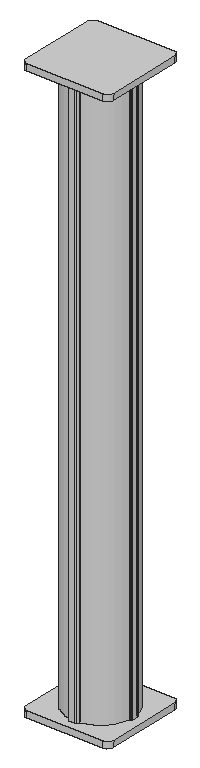
Revit family "EHL_SUPPLEMENT 1M_2220055", category Generic Models, Revit 2018
Family settings
  Can host rebar = No
  Round Connector Dimension = Use Diameter
  Part Type = Normal
  OmniClass Number = 35.51.14.00
  OmniClass Title = FORMWORK
  Work Plane-Based = Yes
  Always vertical = No
  Cut with Voids When Loaded = No
  Shared = Yes
  Room Calculation Point = No
Parameters
  VERSION = "20190601"  # constant formula
  URL = "www.ulmaconstruction.com/en"
  UNICLASS = ""
  SIMULATION [instance] = ""
  PRODUCT_ZONE [instance] = ""
  Manufacturer = "ULMA CONSTRUCTION"  # constant formula
  ITEM_UNIT [instance] = ""
  ITEM_TYPE [instance] = ""
  ITEM_CODE = "2220055"
  FILTER [instance] = ""
  Default Elevation = 0.000 mm
  CONDITION [instance] = ""
  CLASSIFICATION_TITLE = ""
  CLASSIFICATION_NUMBER = ""
Reference planes
  plane 1 "Centro (Frontal/Posterior)": y = 0
  plane 2: z = 0
  plane 3 "Centro (Izquierda/Derecha)": x = 0
Forms (mm)
  Extrusion 1, solid, material "ULMA ZINC", detail levels medium+fine
    sketch origin (0, 0, 0) x (1, 0, 0) y (0, 1, 0)
      loop
        line (-75, 65) -> (-75, -65)
        arc (-75, -65) -> (-72.071, -72.071) -> (-65, -75) r 10
        line (-65, -75) -> (65, -75)
        arc (65, -75) -> (72.071, -72.071) -> (75, -65) r 10
        line (75, -65) -> (75, 65)
        arc (75, 65) -> (72.071, 72.071) -> (65, 75) r 10
        line (65, 75) -> (-65, 75)
        arc (-65, 75) -> (-72.071, 72.071) -> (-75, 65) r 10
    from 0 to 10
  Extrusion 2, solid, material "ULMA ZINC", detail levels medium+fine
    sketch origin (0, 0, 0) x (1, 0, 0) y (0, 1, 0)
      loop
        arc (55.325, 8.668) -> (39.598, 39.598) -> (8.668, 55.325) r 56
        arc (8.668, 55.325) -> (8.221, 55.514) -> (7.916, 55.89) r 1
        line (7.916, 55.89) -> (6.404, 59.134)
        arc (6.404, 59.134) -> (5.85, 59.765) -> (5.044, 60) r 1.5
        line (5.044, 60) -> (-5.044, 60)
        arc (-5.044, 60) -> (-5.85, 59.765) -> (-6.404, 59.134) r 1.5
        line (-6.404, 59.134) -> (-7.916, 55.89)
        arc (-7.916, 55.89) -> (-8.221, 55.514) -> (-8.668, 55.325) r 1
        arc (-8.668, 55.325) -> (-39.598, 39.598) -> (-55.325, 8.668) r 56
        arc (-55.325, 8.668) -> (-55.514, 8.221) -> (-55.89, 7.916) r 1
        line (-55.89, 7.916) -> (-59.134, 6.404)
        arc (-59.134, 6.404) -> (-59.765, 5.85) -> (-60, 5.044) r 1.5
        line (-60, 5.044) -> (-60, -5.044)
        arc (-60, -5.044) -> (-59.765, -5.85) -> (-59.134, -6.404) r 1.5
        line (-59.134, -6.404) -> (-55.89, -7.916)
        arc (-55.89, -7.916) -> (-55.514, -8.221) -> (-55.325, -8.668) r 1
        arc (-55.325, -8.668) -> (-39.598, -39.598) -> (-8.668, -55.325) r 56
        arc (-8.668, -55.325) -> (-8.221, -55.514) -> (-7.916, -55.89) r 1
        line (-7.916, -55.89) -> (-6.404, -59.134)
        arc (-6.404, -59.134) -> (-5.85, -59.765) -> (-5.044, -60) r 1.5
        line (-5.044, -60) -> (5.044, -60)
        arc (5.044, -60) -> (5.85, -59.765) -> (6.404, -59.134) r 1.5
        line (6.404, -59.134) -> (7.916, -55.89)
        arc (7.916, -55.89) -> (8.221, -55.514) -> (8.668, -55.325) r 1
        arc (8.668, -55.325) -> (39.598, -39.598) -> (55.325, -8.668) r 56
        arc (55.325, -8.668) -> (55.514, -8.221) -> (55.89, -7.916) r 1
        line (55.89, -7.916) -> (59.134, -6.404)
        arc (59.134, -6.404) -> (59.765, -5.85) -> (60, -5.044) r 1.5
        line (60, -5.044) -> (60, 5.044)
        arc (60, 5.044) -> (59.765, 5.85) -> (59.134, 6.404) r 1.5
        line (59.134, 6.404) -> (55.89, 7.916)
        arc (55.89, 7.916) -> (55.514, 8.221) -> (55.325, 8.668) r 1
    from 10 to 990
  Extrusion 3, solid, material "ULMA ZINC", detail levels medium+fine
    sketch origin (0, 0, 990) x (1, 0, 0) y (0, 1, 0)
      loop
        line (-75, 65) -> (-75, -65)
        arc (-75, -65) -> (-72.071, -72.071) -> (-65, -75) r 10
        line (-65, -75) -> (65, -75)
        arc (65, -75) -> (72.071, -72.071) -> (75, -65) r 10
        line (75, -65) -> (75, 65)
        arc (75, 65) -> (72.071, 72.071) -> (65, 75) r 10
        line (65, 75) -> (-65, 75)
        arc (-65, 75) -> (-72.071, 72.071) -> (-75, 65) r 10
    from 0 to 10
Lines and regions (mm)
  model lines, style "ULMA ALUPROP", detail levels fine
    curve 1: circle (-58.362, 58.362, 0) r 6 normal (0, 0, 1)
    curve 2: circle (-25.831, 62.362, 0) r 6 normal (0, 0, 1)
    curve 3: circle (25.831, 62.362, 0) r 6 normal (0, 0, 1)
    curve 4: circle (58.362, 58.362, 0) r 6 normal (0, 0, 1)
    curve 5: circle (62.362, 25.831, 0) r 6 normal (0, 0, 1)
    curve 6: circle (62.362, -25.831, 0) r 6 normal (0, 0, 1)
    curve 7: circle (58.362, -58.362, 0) r 6 normal (0, 0, 1)
    curve 8: circle (25.831, -62.362, 0) r 6 normal (0, 0, 1)
    curve 9: circle (-25.831, -62.362, 0) r 6 normal (0, 0, 1)
    curve 10: circle (-58.362, -58.362, 0) r 6 normal (0, 0, 1)
    curve 11: circle (-62.362, -25.831, 0) r 6 normal (0, 0, 1)
    curve 12: circle (-62.362, 25.831, 0) r 6 normal (0, 0, 1)
    curve 13: circle (0, 0, 0) r 21 normal (0, 0, 1)
    curve 14: circle (-58.362, 58.362, 1000) r 6 normal (0, 0, 1)
    curve 15: circle (-25.831, 62.362, 1000) r 6 normal (0, 0, 1)
    curve 16: circle (25.831, 62.362, 1000) r 6 normal (0, 0, 1)
    curve 17: circle (58.362, 58.362, 1000) r 6 normal (0, 0, 1)
    curve 18: circle (62.362, 25.831, 1000) r 6 normal (0, 0, 1)
    curve 19: circle (62.362, -25.831, 1000) r 6 normal (0, 0, 1)
    curve 20: circle (58.362, -58.362, 1000) r 6 normal (0, 0, 1)
    curve 21: circle (25.831, -62.362, 1000) r 6 normal (0, 0, 1)
    curve 22: circle (-25.831, -62.362, 1000) r 6 normal (0, 0, 1)
    curve 23: circle (-58.362, -58.362, 1000) r 6 normal (0, 0, 1)
    curve 24: circle (-62.362, -25.831, 1000) r 6 normal (0, 0, 1)
    curve 25: circle (-62.362, 25.831, 1000) r 6 normal (0, 0, 1)
    curve 26: circle (0, 0, 1000) r 21 normal (0, 0, 1)
    curve 27: circle (-58.362, 58.362, 10) r 6 normal (0, 0, 1)
    curve 28: circle (-25.831, 62.362, 10) r 6 normal (0, 0, 1)
    curve 29: circle (25.831, 62.362, 10) r 6 normal (0, 0, 1)
    curve 30: circle (58.362, 58.362, 10) r 6 normal (0, 0, 1)
    curve 31: circle (62.362, 25.831, 10) r 6 normal (0, 0, 1)
    curve 32: circle (62.362, -25.831, 10) r 6 normal (0, 0, 1)
    curve 33: circle (58.362, -58.362, 10) r 6 normal (0, 0, 1)
    curve 34: circle (25.831, -62.362, 10) r 6 normal (0, 0, 1)
    curve 35: circle (-25.831, -62.362, 10) r 6 normal (0, 0, 1)
    curve 36: circle (-58.362, -58.362, 10) r 6 normal (0, 0, 1)
    curve 37: circle (-62.362, -25.831, 10) r 6 normal (0, 0, 1)
    curve 38: circle (-62.362, 25.831, 10) r 6 normal (0, 0, 1)
    curve 39: circle (-58.362, 58.362, 990) r 6 normal (0, 0, 1)
    curve 40: circle (-25.831, 62.362, 990) r 6 normal (0, 0, 1)
    curve 41: circle (25.831, 62.362, 990) r 6 normal (0, 0, 1)
    curve 42: circle (58.362, 58.362, 990) r 6 normal (0, 0, 1)
    curve 43: circle (62.362, 25.831, 990) r 6 normal (0, 0, 1)
    curve 44: circle (62.362, -25.831, 990) r 6 normal (0, 0, 1)
    curve 45: circle (58.362, -58.362, 990) r 6 normal (0, 0, 1)
    curve 46: circle (25.831, -62.362, 990) r 6 normal (0, 0, 1)
    curve 47: circle (-25.831, -62.362, 990) r 6 normal (0, 0, 1)
    curve 48: circle (-58.362, -58.362, 990) r 6 normal (0, 0, 1)
    curve 49: circle (-62.362, -25.831, 990) r 6 normal (0, 0, 1)
    curve 50: circle (-62.362, 25.831, 990) r 6 normal (0, 0, 1)
  model lines, style "ULMA ALUPROP", detail levels coarse
    curve 51: circle (0, 0, 0) r 50 normal (0, 0, 1)
    curve 52: line (0, 0, 0) -> (0, 0, 1000)
Dimensions and locks
  aligned and locked: level to plane 2
